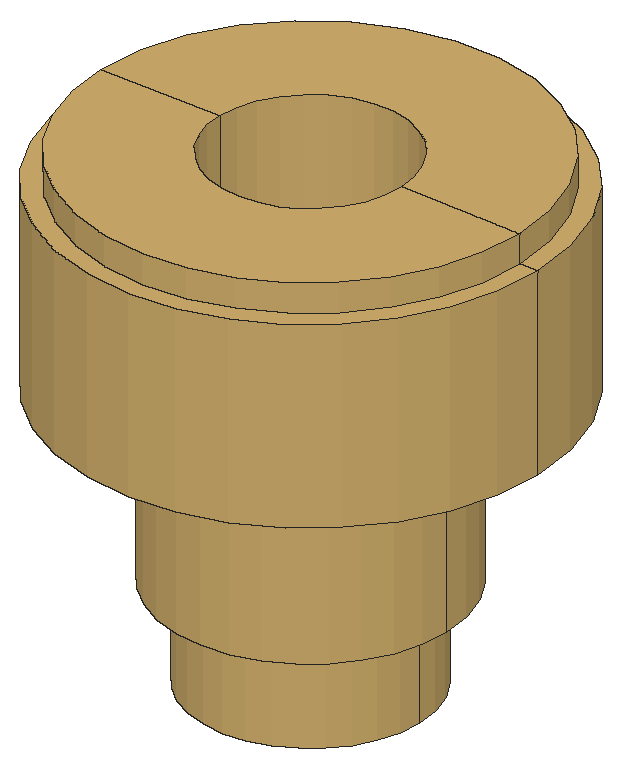
Revit family "Rückflussverhinderer 2621", category Rohrzubehör, Revit 2020
Family settings
  Bemaßung runder Anschluss = Durchmesser verwenden
  Teiletyp = Unterbricht
  OmniClass-Nummer = 23.65.55.14
  OmniClass-Titel = Valves for Liquid Services
  Arbeitsebenenbasiert = Nein
  Immer vertikal = Ja
  Beim Laden mit Abzugskörper schneiden = Nein
  Gemeinsam genutzt = Nein
Parameters
  Vorgabe-Ansicht = 0.000 mm
  SCTWSEQ = "FW;SBT_TYP_FW=\"108\";2"
  SCTWCODE = "04;14;02"  # constant formula
  SCRNSEQ = "AWI;AWI_TYP=\"1007\";2"
  SCRNCODE = "05;17;02"  # constant formula
  Nennweite IG = 10.000 mm  # constant formula
  Max.Betriebstemperatur = 110 °C  # constant formula
  URL = "www.herz-armaturen.at"
  Nennweite AG [instance] = 15.000 mm
  Max.Betriebsdruck = 1000000.0 Pa  # constant formula
  Hersteller = "Herz-Armaturen GmbH"  # constant formula
  H04 [instance] = if(Nennweite AG = 10.000 mm, 4.500 mm, if(Nennweite AG = 15.000 mm, 5.000 mm, 0.000 mm))  # 5.000 mm
  H03 = 9.500 mm  # constant formula
  H02 [instance] = if(Nennweite AG = 10.000 mm, 14.000 mm, if(Nennweite AG = 15.000 mm, 10.000 mm, 0.000 mm))  # 10.000 mm
  H01 = 9.500 mm  # constant formula
  H00 [instance] = if(Nennweite AG = 10.000 mm, 29.500 mm, if(Nennweite AG = 15.000 mm, 26.000 mm, 0.000 mm))  # 26.000 mm
  G2 = Nennweite IG / 2  # 5.000 mm
  G1 [instance] = Nennweite AG / 2  # 7.500 mm
  D03 [instance] = if(Nennweite AG = 10.000 mm, 4.000 mm, if(Nennweite AG = 15.000 mm, 6.000 mm, 0.000 mm))  # 6.000 mm
  D02 [instance] = if(Nennweite AG = 10.000 mm, 11.000 mm, if(Nennweite AG = 15.000 mm, 12.500 mm, 0.000 mm))  # 12.500 mm
  D01 [instance] = if(Nennweite AG = 10.000 mm, 10.000 mm, if(Nennweite AG = 15.000 mm, 11.500 mm, 0.000 mm))  # 11.500 mm
  Bestellnummer [instance] = if(Nennweite AG = 10.000 mm, 1262100, if(Nennweite AG = 15.000 mm, 1262101, 0))  # 1262101
Reference planes
  plane 1 "Mitte (Vorne/hinten)": y = 0
  plane 2: z = 0
  plane 3 "Mitte (Links/rechts)": x = 0
Forms (mm)
  Revolve 1, solid, material "Messing", detail levels fine
    sketch origin (0, 0, 0) x (1, 0, 0) y (0, 0, 1)
      loop
        line (-11.5, 21) -> (-11.5, 19.5) -> (-12.5, 19.5) -> (-12.5, 9.5) -> (-7.5, 9.5) -> (-7.5, 0) -> (-6, 0) -> (-6, -5) -> (0, -5) -> (0, 11.5) -> (-5, 11.5) -> (-5, 21) -> (-11.5, 21)
      axis (0, 21) -> (0, -5)
    angle from 0 to 360
Lines and regions (mm)
  model lines, detail levels coarse+medium
    curve 1: line (-12.5, 0, 21) -> (12.5, 0, 21)
    curve 2: line (12.5, 0, 21) -> (-12.5, 0, -5)
    curve 3: line (-12.5, 0, -5) -> (12.5, 0, -5)
    curve 4: circle (-12.5, 0, -4.998) r 5 normal (0, -1, 0)
    curve 5: line (0, -12.5, 21) -> (0, 12.5, 21)
    curve 6: line (0, 12.5, 21) -> (0, -12.5, -5)
    curve 7: line (0, -12.5, -5) -> (0, 12.5, -5)
    curve 8: circle (0, -12.5, -5) r 5 normal (1, 0, 0)
Dimensions and locks
  "H02": Revolve 1 sketch curve to Revolve 1 sketch curve
  "D01": Revolve 1 sketch curve to Revolve 1 sketch curve
  "G1": Revolve 1 sketch curve to Revolve 1 sketch curve
  "H01": Revolve 1 sketch curve to Revolve 1 sketch curve
  "D02": Revolve 1 sketch curve to Revolve 1 sketch curve
  "G2": Revolve 1 sketch curve to Revolve 1 sketch curve
  "H03": Revolve 1 sketch curve to Revolve 1 sketch curve
  "H04": Revolve 1 sketch curve to Revolve 1 sketch curve
  "H00": Revolve 1 sketch curve to Revolve 1 sketch curve
  "D03": Revolve 1 sketch curve to Revolve 1 sketch curve
  "H00": curve 1 to curve 3
  "H04": plane 2 to curve 3
  "D02": curve 2 to plane 3 "Mitte (Links/rechts)" to curve 1
  "D02": curve 3 to plane 3 "Mitte (Links/rechts)" to curve 3
  "H00": curve 7 to curve 5
  "H04": plane 2 to curve 7
  "D02": curve 5 to plane 1 "Mitte (Vorne/hinten)" to curve 6
  "D02": curve 7 to plane 1 "Mitte (Vorne/hinten)" to curve 7
  aligned and locked: level to plane 2
Automatic sketch dimensions
  curve 8 to curve 6 = 0.000 mm  (x2)
  curve 4 to curve 2 = 0.000 mm
  curve 2 to curve 4 = 0.002 mm
  Revolve 1 sketch curve to level = 0.000 mm
  Revolve 1 sketch curve to plane 3 "Mitte (Links/rechts)" = 0.000 mm  (x2)
  Revolve 1 sketch curve to Revolve 1 sketch curve = 1992.000 mm
  Revolve 1 sketch curve to Revolve 1 sketch curve = 1979.000 mm
  radius of curve 8 = 5.000 mm
  radius of curve 4 = 5.000 mm
Connectors
  piping at (0, 0, -5), diameter 15, driven by "Nennweite AG"
    settings: on Revolve 1, index 1, connector inside diameter 609.6 mm, connector length 0.000 mm, flow factor 0, pipe flow 0.0 L/s, pressure drop 0.0 Pa, fitting loss kfactor 0, connector angle 0.00°, fixture units 0, engagement length 0.000 mm, angle of deflection 0.00°, flow configuration 0, flow direction 1, fitting loss method 0, system type 29, joint type 0, gender type 0, connector reference index -1, connector utility 0, adjustable connector no, is connector primary yes, connector description ""
  piping at (0, 0, 11.5), diameter 10, driven by "Nennweite IG"
    settings: on Revolve 1, index 2, connector inside diameter 609.6 mm, connector length 0.000 mm, flow factor 0, pipe flow 0.0 L/s, pressure drop 0.0 Pa, fitting loss kfactor 0, connector angle 0.00°, fixture units 0, engagement length 0.000 mm, angle of deflection 0.00°, flow configuration 0, flow direction 2, fitting loss method 0, system type 29, joint type 0, gender type 0, connector reference index -1, connector utility 0, adjustable connector no, is connector primary no, connector description ""
